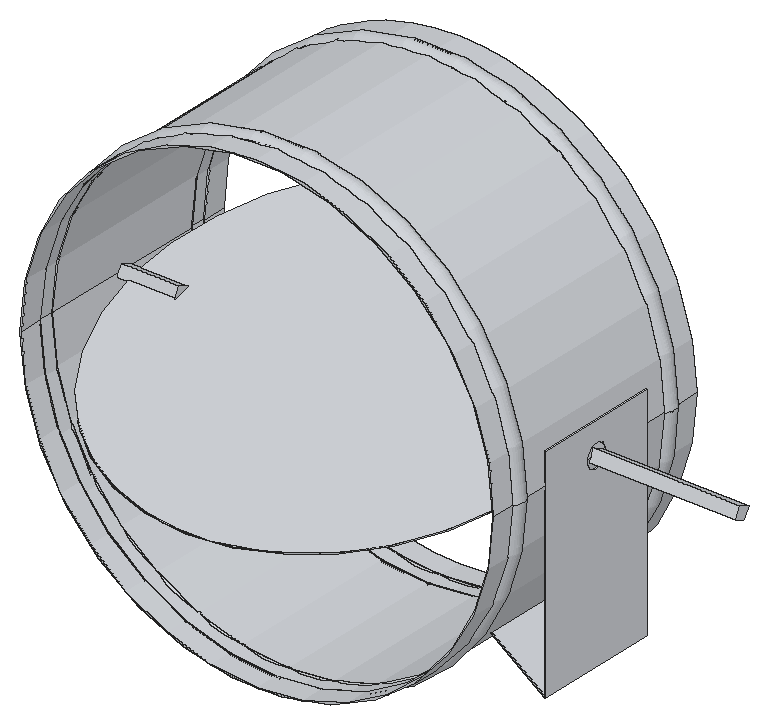
Revit family "RI", category Mechanical Equipment, Revit 2015
Parameters
  Void Radius [instance] = Radius - 0' 0 5/256"  # 0' - 7 123/256"
  URL = "http://unitedenertech.com/catalog/pdf/B_7%20RI.pdf"
  Type Comments = "Max. Size is (46\" Diameter)"
  Radius [instance] = 0.5 * Exact Diameter  # 0' - 7 1/2"
  Model = "RI"
  Manufacturer = "United Enertech Corporation"
  Keynote = "Shaft options set to visibility parameters, correct shaft and size will appear when loaded into project."
  Inner Radius [instance] = Radius - 0' 0 9/256"  # 0' - 7 119/256"
  Exact Diameter = 1' - 3"
  Description = "Round Control Damper"
  Depth = 0' - 8"
  Blade Radius [instance] = Inner Radius - 0' 0 3/8"  # 0' - 7 23/256"
  3/8" Pin Visibility [instance] = if(Exact Diameter < 1' 3 251/256", 2 > 1, 1 > 2)  # yes
  3/4" Shaft Visibility [instance] = if(Exact Diameter > 2' 5 251/256", 2 > 1, 1 > 2)  # no
  1/2" Shaft Visibility [instance] = if(and(Exact Diameter > 1' 3 251/256", Exact Diameter < 2' 5 251/256"), 2 > 1, 1 > 2)  # no
Reference planes (in)
  plane 1 "Center (Front/Back)": y = 0
  plane 2: z = 0
  plane 3 "Center (Left/Right)": x = 0
  plane 4: x = -7.5
  plane 5: x = 7.5
  plane 6: y = 8
  plane 7: y = 7
  plane 8: y = 1
  plane 9: x = -8.1
  plane 10: x = -5.6
  plane 11: x = 5.6
  plane 12: x = 12.14655
  plane 13: x = 7.5359
  plane 14: y = 6
  plane 15: y = 2
Forms (in)
  Extrusion 1, solid
    sketch origin (0, 0, 0) x (1, 0, 0) y (0, 0, 1)
      loop
        circle (0, 0) r 7.5
      loop
        circle (0, 0) r 7.46484
    from 0 to -8
  Sweep 2, solid
    path origin (0, 1, 0) x (1, 0, 0) y (0, 0, 1)
      loop
        circle (0, 0) r 7.5
    profile "Bead Sweep : Bead Sweep" origin (0, 1, 7.5) x (0, 0, -1) y (0, -1, 0)
      loop
        arc (0, 0.279) -> (-0.12, 0) -> (0, -0.279) r 0.38434
        line (0, -0.279) -> (0, 0.279)
  Sweep 3, solid
    path origin (0, 7, 0) x (1, 0, 0) y (0, 0, 1)
      loop
        circle (0, 0) r 7.5
    profile "Bead Sweep : Bead Sweep" origin (0, 7, 7.5) x (0, 0, -1) y (0, -1, 0)
      loop
        arc (0, 0.279) -> (-0.12, 0) -> (0, -0.279) r 0.38434
        line (0, -0.279) -> (0, 0.279)
  Sweep 4, void
    path origin (0, 1, 0) x (1, 0, 0) y (0, 0, 1)
      loop
        circle (0, 0) r 7.48047
    profile "Bead Void Sweep : Bead Void Sweep" origin (0, 1, 7.48047) x (0, 0, -1) y (0, -1, 0)
      loop
        arc (0.15416, 0.3555) -> (-0.0841, 0) -> (0.15416, -0.3555) r 0.38434
        line (0.15416, -0.3555) -> (0.15416, 0.3555)
  Sweep 5, void
    path origin (0, 7, 0) x (1, 0, 0) y (0, 0, 1)
      loop
        circle (0, 0) r 7.48047
    profile "Bead Void Sweep : Bead Void Sweep" origin (0, 7, 7.48047) x (0, 0, -1) y (0, -1, 0)
      loop
        arc (0.15416, 0.3555) -> (-0.0841, 0) -> (0.15416, -0.3555) r 0.38434
        line (0.15416, -0.3555) -> (0.15416, 0.3555)
  Extrusion 6, solid
    sketch origin (0, 2.96472, 3.8637) x (1, 0, 0) y (0, 0.965926, 0.258819)
      loop
        circle (0, 0) r 7.08984
    from -4.01795 to -3.98205
  Extrusion 7, solid, visible <- "3/8" Pin Visibility"
    sketch origin (-15.25, -6.71378, 12.44542) x (0, 0.906308, -0.422618) y (0, 0.422618, 0.906308)
      loop
        line (15.15714, -6.93904) -> (15.15714, -6.56404) -> (14.78214, -6.56404) -> (14.78214, -6.93904) -> (15.15714, -6.93904)
    from 7.15 to 9.65
  Extrusion 8, solid, visible <- "3/8" Pin Visibility"
    sketch origin (11.25, -6.71378, 12.44542) x (0, 0.906308, -0.422618) y (0, 0.422618, 0.906308)
      loop
        line (15.15714, -6.93904) -> (15.15714, -6.56404) -> (14.78214, -6.56404) -> (14.78214, -6.93904) -> (15.15714, -6.93904)
    from -5.65 to 0.89655
  Extrusion 9, solid, visible <- "1/2" Shaft Visibility"
    sketch origin (0, 0, 0) x (0, 1, 0) y (0, 0, 1)
      loop
        circle (4, 0) r 0.25
    from -8.1 to 12.14655
  Extrusion 10, solid, visible <- "3/4" Shaft Visibility"
    sketch origin (0, 0, 0) x (0, 1, 0) y (0, 0, 1)
      loop
        circle (4, 0) r 0.375
    from -8.1 to 12.14655
  Extrusion 11, solid
    sketch origin (0, 22.75673, 12.99985) x (0, 1, 0) y (0, 0, 1)
      loop
        line (-16.75673, -11.99985) -> (-20.75673, -11.99985) -> (-20.75673, -18.99985) -> (-16.75673, -18.99985) -> (-16.75673, -11.99985)
      loop
        circle (-18.75673, -12.99985) r 0.375
    from 7.5 to 7.5359
  Extrusion 12, solid
    sketch origin (0, 0, 0) x (1, 0, 0) y (0, 0, 1)
      loop
        line (7.5, -6) -> (7.5, -5.95269) -> (0, -0.55027) -> (0, -0.59758) -> (7.5, -6)
    from -6 to -2
  Extrusion 13, void
    sketch origin (-47.63577, 0, 15.85201) x (1, 0, 0) y (0, 0, 1)
      loop
        circle (47.63577, -15.85201) r 7.5
    from -13.1442 to 3.21369
Cuts and joins
  Sweep 4, Sweep 5 cuts Extrusion 1
  Sweep 5 cuts Sweep 2
  Extrusion 13 cuts Extrusion 12
Dimensions and locks (in)
  equal spacing: plane 4, plane 3 "Center (Left/Right)", plane 5
  "Exact Diameter": plane 4 to plane 5
  "Depth": plane 6 to plane 1 "Center (Front/Back)"
  locked: plane 8 to plane 1 "Center (Front/Back)" at 1
  locked: plane 6 to plane 7 at 1
  locked: plane 9 to plane 4 at 0.6
  locked: plane 4 to plane 10 at 1.9
  locked: plane 11 to plane 5 at 1.9
  locked: plane 5 to plane 12 at 4.64655
  locked: plane 5 to plane 13 at 0.0359
  "Inner Radius": radius of Extrusion 1 sketch curve
  "Radius": radius of Extrusion 1 sketch curve
  "Radius": radius of Sweep 2 sketch curve
  "Radius": radius of Sweep 3 sketch curve
  "Void Radius": radius of Sweep 4 sketch curve
  "Void Radius": radius of Sweep 5 sketch curve
  "Blade Radius": radius of Extrusion 6 sketch curve
  "Radius": radius of Extrusion 13 sketch curve
  aligned and locked: level to plane 2
  aligned and locked: plane 6 to Extrusion 1
  aligned and locked: plane 1 "Center (Front/Back)" to Extrusion 1
  aligned and locked: plane 10 to Extrusion 7
  aligned and locked: plane 9 to Extrusion 7
  aligned and locked: plane 11 to Extrusion 8
  aligned and locked: Extrusion 8 to plane 12
  aligned and locked: plane 9 to Extrusion 9
  aligned and locked: Extrusion 9 to plane 12
  aligned and locked: plane 9 to Extrusion 10
  aligned and locked: Extrusion 10 to plane 12
  aligned and locked: plane 13 to Extrusion 11
  aligned and locked: Extrusion 11 to plane 5
  aligned and locked: plane 5 to Extrusion 12
  aligned and locked: Extrusion 11 to Extrusion 12
  aligned and locked: Extrusion 12 to Extrusion 11
Automatic sketch dimensions
  Extrusion 7 sketch curve to level = 0' - 0.09069"
  Extrusion 7 sketch curve to plane 8 = 0' - 2.75083"
  Extrusion 7 sketch curve to Extrusion 7 sketch curve = 0' - 0 3/8"  (x2)
  Extrusion 8 sketch curve to level = 0' - 0.09069"
  Extrusion 8 sketch curve to plane 8 = 0' - 2.75083"
  Extrusion 8 sketch curve to Extrusion 8 sketch curve = 0' - 0 3/8"  (x2)
  Extrusion 9 sketch curve to level = 0' - 0"
  plane 7 to Extrusion 9 sketch curve = 0' - 3"
  Extrusion 10 sketch curve to level = 0' - 0"
  plane 7 to Extrusion 10 sketch curve = 0' - 3"
  Extrusion 11 sketch curve to plane 1 "Center (Front/Back)" = 0' - 2"
  level to Extrusion 11 sketch curve = 0' - 1"
  Extrusion 11 sketch curve to Extrusion 11 sketch curve = 0' - 4"
  Extrusion 11 sketch curve to Extrusion 11 sketch curve = 0' - 7"
  Extrusion 12 sketch curve to plane 3 "Center (Left/Right)" = 0' - 0"
  Extrusion 12 sketch curve to plane 5 = 0' - 0"
  Extrusion 12 sketch curve to level = 0' - 6"
  Extrusion 12 sketch curve to Extrusion 12 sketch curve = 0' - 0.04731"  (x2)
  Extrusion 12 sketch curve to level = 0' - 0.59758"
  Extrusion 1 sketch curve to Extrusion 1 sketch curve = 0' - 0"  (x2)
  Extrusion 1 sketch curve to level = 0' - 0"
  Extrusion 1 sketch curve to plane 3 "Center (Left/Right)" = 0' - 0"
  Sweep 2 sketch curve to level = 0' - 0"
  Sweep 2 sketch curve to plane 3 "Center (Left/Right)" = 0' - 0"
  Sweep 3 sketch curve to level = 0' - 0"
  Sweep 3 sketch curve to plane 3 "Center (Left/Right)" = 0' - 0"
  Sweep 4 sketch curve to level = 0' - 0"
  Sweep 4 sketch curve to plane 3 "Center (Left/Right)" = 0' - 0"
  Sweep 5 sketch curve to level = 0' - 0"
  Sweep 5 sketch curve to plane 3 "Center (Left/Right)" = 0' - 0"
  Extrusion 6 sketch curve to plane 3 "Center (Left/Right)" = 0' - 0"
  Extrusion 13 sketch curve to level = 0' - 0"
  Extrusion 13 sketch curve to plane 3 "Center (Left/Right)" = 0' - 0"
  radius of Extrusion 9 sketch curve = 0' - 0 1/4"
  radius of Extrusion 10 sketch curve = 0' - 0 3/8"
